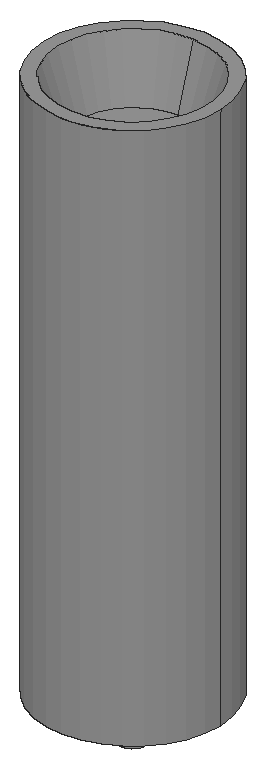
Revit family "2061013 Sylvania Lighting Fixture TubiXx LED surface 3000K white-black", category Lighting Fixtures, host Face, Revit 2016
Family settings
  Host = Face
  Part Type = Normal
  Round Connector Dimension = Use Diameter
  OmniClass Number = 23.80.70.00
  OmniClass Title = Lighting
  Cut with Voids When Loaded = No
  Light Source = Yes
  Shared = No
  Room Calculation Point = No
Parameters (values of type "2061013 TUBIXX LED SURFACE 3000K WHITE-BLACK")
  Weight = "n/a"
  Wattage Comments = ""
  Wattage = 9.2903 W
  WarrantyStartDate [instance] = "n/a"
  WarrantyGuarantorParts = "n/a"
  WarrantyDurationUnit = "n/a"
  WarrantyDurationParts = ""
  WarrantyDescription = "http://www.sylvania-lighting.com"
  built-in parameter 1150110 = 1 (stored number, unit not read)
  Voltage = 0 V
  URL = "0.95"
  TypeName = "TubiXx LED surface 3000K white-black"
  Type Image = <None>
  Type Comments = "n/a"
  Tube Recess = 28 mm
  Tube Diameter = 80 mm
  built-in parameter 1114217 = 1 (stored number, unit not read)
  Tilt Angle = 90.00°
  built-in parameter 1150109 = 1 (stored number, unit not read)
  built-in parameter 1150134 = 3
  built-in parameter 1150113 = 1 (stored number, unit not read)
  SerialNumber [instance] = "n/a"
  Photometric Web File = "2061013.ies"
  Material_3_FEILO = none
  PowerFactor = 0
  PowerConsumption = "Lighting"
  NominalLength = 0 mm
  NominalHeight = 0 mm
  NominalDepth = 0 mm
  Name = "TubiXx LED surface 3000K white-black"
  ModelReference = Name  # "TubiXx LED surface 3000K white-black"
  ModelNumber = "2061013"
  Model = Name  # "TubiXx LED surface 3000K white-black"
  Material = "Feilo Sylvania"
  ManufacturerName = "89 lm/W"
  Manufacturer = ""
  LuminousEfficacy = ""
  built-in parameter 1150105 = 109.82 (stored number, unit not read)
  Lumens = 1380 lm
  LuminaireType = "0"
  built-in parameter 1150115 = 1 (stored number, unit not read)
  LightOutputRatio = "LED"
  built-in parameter 1150137 = (empty or 0)
  built-in parameter 1150139 = (empty or 0)
  LampsType = Lamp  # "n/a"
  LampNominalLuminous = "3000 K"
  LampMacAdamStep = "92"
  LampColourTemperature = "LED"
  LampColourRenderingIndex = "16500"
  built-in parameter 1150112 = 1 (stored number, unit not read)
  built-in parameter 1150114 = 1 (stored number, unit not read)
  Lamp = "n/a"
  Keynote = "n/a"
  InstallationDate [instance] = "n/a"
  InputVoltage = "0"
  InputNominalFrequency = "3000"
  built-in parameter 1150132 = (empty or 0)
  built-in parameter 1150102 = (empty or 0)
  built-in parameter 1150107 = 3200 (stored number, unit not read)
  built-in parameter 1150138 = (empty or 0)
  IngressProtection = "IfcLightFixtureType"
  ImpactProtectionIndex = "IfcLightFixtureType"
  built-in parameter 1150106 = 1.0982 (stored number, unit not read)
  IfcExportType = "IfcLightFixtureType"
  IfcExportAs = "Class I"
  Height = 250 mm
  ExpectedLife = 50000
  Emit from Circle Diameter = 609.6 mm
  Emit Shape Visible in Rendering = no
  ElectricShockClassification = "89"
  built-in parameter 1150104 = 13.8 (stored number, unit not read)
  DurationUnit = "hours"
  DocumentationLiterature = "http://www.sylvania-lighting.com/product/en-int/products/2061013"
  DimmingControlOptions = "n/a"
  Material_2_FEILO = none
  Dimming Lamp Color Temperature Shift = <None>
  Description = "TubiXx LED Surface Mounted is a decorative Surface Mounted fixture with integrated driver, equipped with an integrated non-dimmable LED driver, White finish with Black reflector, colour temperature 3000K, 14W, 1243lm, 89lm/W, IP20, IK02, Class I. Dimensions 250mmx80mm."
  Default Elevation = 1219.2 mm
  CreatedOn = "22/11/2019"
  CreatedBy = "@sylvania-lighting.com"
  Cost = 0
  Color Filter = 16777215
  built-in parameter 1114216 [instance] = (empty or 0)
  ClassificationValue = "EF_70_80"
  ClassificationName = "Uniclass2015"
  Material_1_FEILO = none
  Cable Clamp Height = 20 mm
  BarCode [instance] = "n/a"
  built-in parameter 1114218 = 1 (stored number, unit not read)
  built-in parameter 1150133 = 10 (stored number, unit not read)
  AssetType = "Fixed"
  AssetIdentifier [instance] = "n/a"
  Assembly Code = "D5020200"
  Apparent Load = 14 VA
  Material_4_FEILO = none
Reference planes
  plane 1 "Center (Front/Back)": y = 0
  plane 2: z = 0
  plane 3 "Center (Left/Right)": x = 0
  plane 4: x = 40
  plane 5: x = -40
  plane 6: y = 40
  plane 7: y = -40
  plane 8: z = 250
  plane 9: z = 0
  plane 10: z = 222
Forms (mm)
  Extrusion 1, solid, material "Aluminum", detail levels medium+fine
    sketch origin (4.2, 0, 0) x (1, 0, 0) y (0, 1, 0)
      loop
        circle (-4.2, 0) r 40
    from 0 to 250
  Blend 2, void
    base sketch origin (4.2, 0, 0) x (0, 1, 0) y (-1, 0, 0)
      loop
        circle (0, 4.2) r 25
    top sketch origin (4.2, 0, 0) x (0, 1, 0) y (-1, 0, 0)
      loop
        circle (0, 4.2) r 34
    from 222 to 250
  Extrusion 3, solid, material "Plastic, Opaque Black", detail levels fine
    sketch origin (3.621, -0.001, 0) x (0, 1, 0) y (1, 0, 0)
      loop
        circle (0.002, -3.635) r 6
    from 0 to 20
  Extrusion 4, solid, detail levels coarse
    sketch origin (4.2, 0, 0) x (0, 1, 0) y (1, 0, 0)
      loop
        line (39.967, 35.75) -> (-40.071, 35.75) -> (-40.071, -44.142) -> (39.967, -44.142) -> (39.967, 35.75)
    from -250 to 0
  Extrusion 5, solid, material "Glass, White, High Luminance", detail levels fine
    sketch origin (4.2, 0, 222) x (0, 1, 0) y (-1, 0, 0)
      loop
        circle (0.004, 4.166) r 25.024
    from 0 to 1
Cuts and joins
  Blend 2 cuts Extrusion 1
Dimensions and locks
  "Tube Diameter": plane 5 to plane 4
  equal spacing: plane 5, plane 3 "Center (Left/Right)", plane 4
  "Tube Diameter": plane 6 to plane 7
  equal spacing: plane 6, plane 1 "Center (Front/Back)", plane 7
  "Height": plane 8 to host face
  "Tube Recess": plane 8 to plane 10
  aligned and locked: plane 2 to host face
  aligned and locked: level to host face
Automatic sketch dimensions
  host sketch curve to host sketch curve = 2438.4 mm  (x2)
  plane 1 "Center (Front/Back)" to Extrusion 1 sketch curve = 0 mm
  Extrusion 1 sketch curve to plane 3 "Center (Left/Right)" = 0 mm
  plane 1 "Center (Front/Back)" to Blend 2 sketch curve = 0 mm  (x2)
  Blend 2 sketch curve to plane 3 "Center (Left/Right)" = 0 mm  (x2)
  Extrusion 4 sketch curve to Extrusion 4 sketch curve = 80.038 mm
  Extrusion 4 sketch curve to Extrusion 4 sketch curve = 79.892 mm
  radius of Extrusion 1 sketch curve = 40 mm
  radius of Blend 2 sketch curve = 25 mm
  radius of Blend 2 sketch curve = 34 mm
  radius of Extrusion 3 sketch curve = 6 mm
  radius of Extrusion 5 sketch curve = 25.024 mm
Connectors
  electrical at (-0.015, 0.001, -20)
    settings: on Extrusion 3, index 1, voltage 0 V, apparent load 0 VA, apparent load phase1 0 VA, apparent load phase2 0 VA, apparent load phase3 0 VA, power factor 1, load classification "Other", number of poles 1, system type 31, power factor state 1, is connector primary yes, connector utility no, sub classification motor no, connector description ""
  electrical at (0, 0, 250)
    settings: on cut or joined group of Extrusion 1, Blend 2, index 2, voltage 0 V, apparent load 0 VA, apparent load phase1 0 VA, apparent load phase2 0 VA, apparent load phase3 0 VA, power factor 1, load classification "Other", number of poles 1, system type 31, power factor state 1, is connector primary no, connector utility no, sub classification motor no, connector description ""
